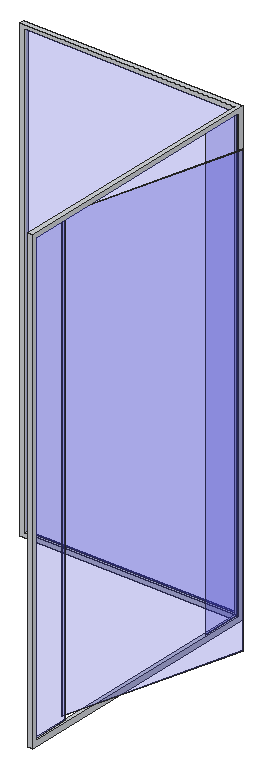
Revit family "PFX_A3-Shower-Screen-Side-Panel-Pivot-Door", category Plumbing Fixtures, Revit 2016
Family settings
  Part Type = Normal
  Round Connector Dimension = Use Diameter
  Work Plane-Based = No
  Always vertical = Yes
  Cut with Voids When Loaded = No
  Shared = No
  Room Calculation Point = No
Parameters (values of type "Shower Screen")
  Return [instance] = 1000 mm
  Height [instance] = 2100 mm
  Door side [instance] = 1200 mm
Reference planes
  plane 1 "Center (Front/Back)": y = 0
  plane 2: z = 0
  plane 3 "Center (Left/Right)": x = 100
  plane 4: y = 600
  plane 5: y = -600
  plane 6: x = -400
  plane 7: x = 600
  plane 8: z = 2100
  plane 9: z = 20
  plane 10: z = 2080
  plane 11: y = 580
  plane 12: x = 580
  plane 13: x = 588.948
  plane 14: x = 591.948
  plane 15: y = 591
  plane 16: y = 588
  plane 17: z = 2077
  plane 18: y = 400
  plane 19: y = -400
  plane 20: through (624.496, -167.333, 0) normal (0.9659, -0.2588, 0)
  plane 21: through (-58.539, -218.471, 0) normal (0.2588, 0.9659, 0)
  plane 22: y = -320
  plane 23: through (621.598, -166.557, 0) normal (0.9659, -0.2588, 0)
  plane 24: through (148.516, 554.27, 0) normal (0.2588, 0.9659, 0)
Forms (mm)
  Sweep 1, solid
    path origin (0, 0, 0) x (1, 0, 0) y (0, 0, 1)
      loop
        line (600, 2100) -> (-400, 2100) -> (-400, 0) -> (600, 0) -> (600, 2100)
    profile origin (100, 0, 0) x (0, 0, -1) y (0, -1, 0)
      loop
        line (-2100, -580) -> (-2100, -600) -> (-2080, -600) -> (-2080, -580) -> (-2100, -580)
  Sweep 2, solid
    path origin (100, 0, 0) x (0, 1, 0) y (0, 0, 1)
      loop
        line (-600, 2100) -> (-600, 0) -> (600, 0) -> (600, 2100) -> (-600, 2100)
    profile origin (0, 0, 0) x (0, 0, 1) y (1, 0, 0)
      loop
        line (2100, 600) -> (2080, 600) -> (2080, 580) -> (2100, 580) -> (2100, 600)
  Extrusion 3, solid, material "Glass"
    sketch origin (0, 0, 0) x (1, 0, 0) y (0, 0, 1)
      loop
        line (-380, 2080) -> (-380, 20) -> (580, 20) -> (580, 2080) -> (-380, 2080)
    from -591 to -588
  Extrusion 4, solid, material "Glass"
    sketch origin (100, 0, 0) x (0, 1, 0) y (0, 0, 1)
      loop
        line (400, 2080) -> (400, 20) -> (580, 20) -> (580, 2080) -> (400, 2080)
    from 488.948 to 491.948
  Extrusion 5, solid, material "Glass"
    sketch origin (100, 0, 0) x (0, 1, 0) y (0, 0, 1)
      loop
        line (-580, 20) -> (-400, 20) -> (-400, 2077) -> (-580, 2077) -> (-580, 20)
    from 488.948 to 491.948
  Extrusion 6, solid, material "Glass"
    sketch origin (0, 0, 0) x (1, 0, 0) y (0, 1, 0)
      loop
        line (563.059, -385.027) -> (565.957, -385.804) -> (773.012, 386.937) -> (770.114, 387.713) -> (563.059, -385.027)
    from 23.277 to 2077
Cuts and joins
  joined: Sweep 1, Sweep 2
Lines and regions (mm)
  symbolic lines
    curve 1: line (-400, 580, 0) -> (-400, -600, 0)
    curve 2: line (-400, -600, 0) -> (580, -600, 0)
    curve 3: line (580, -8.284, 0) -> (580, -600, 0)
    curve 4: line (-400, 580, 0) -> (91.716, 580, 0)
    curve 5: line (-400, 580, 0) -> (100, 0, 0)
    curve 6: line (100, 0, 0) -> (-400, -600, 0)
    curve 7: line (100, 0, 0) -> (580, -600, 0)
    curve 8: line (100, 0, 0) -> (580, 580, 0)
Dimensions and locks
  plane 12 to plane 13 to plane 14 to plane 7 = 8.948 mm locked, 3 mm locked, 8.052 mm locked
  plane 11 to plane 16 to plane 15 to plane 4 = 8 mm locked, 3 mm locked, 9 mm locked
  locked: plane 10 to plane 8 at 20
  locked: level to plane 9 at 20
  "Height": plane 8 to level
  locked: plane 17 to plane 10 at 3
  locked: plane 19 to plane 18 at 800
  equal spacing: plane 5, plane 1 "Center (Front/Back)", plane 4
  "Return": plane 6 to plane 7
  "Door side": plane 5 to plane 4
  equal spacing: plane 6, plane 3 "Center (Left/Right)", plane 7
  locked: plane 19 to plane 22 at 80
  locked: plane 20 to plane 23 at 3
  locked: plane 24 to plane 21 at 800
  aligned and locked: Sweep 1 sketch curve to plane 8  (x2)
  aligned and locked: Sweep 1 sketch curve to plane 6
  aligned and locked: Sweep 1 sketch curve to level
  aligned and locked: Sweep 1 sketch curve to plane 10
  aligned and locked: Sweep 1 sketch curve to plane 4
  aligned and locked: Sweep 1 sketch curve to plane 11
  aligned and locked: plane 8 to Sweep 2 sketch curve  (x2)
  aligned and locked: Sweep 2 sketch curve to plane 5
  aligned and locked: Sweep 2 sketch curve to level
  aligned and locked: plane 10 to Sweep 2 sketch curve
  aligned and locked: plane 12 to Sweep 2 sketch curve
  aligned and locked: plane 7 to Sweep 2 sketch curve
  aligned and locked: Extrusion 3 sketch curve to Sweep 1  (x4)
  aligned and locked: Extrusion 3 to plane 15
  aligned and locked: plane 16 to Extrusion 3
  aligned and locked: Sweep 2 to Extrusion 4 sketch curve
  aligned and locked: Extrusion 4 sketch curve to Sweep 2  (x2)
  aligned and locked: Extrusion 4 to plane 14
  aligned and locked: plane 13 to Extrusion 4
  aligned and locked: plane 6 to curve 1
  aligned and locked: plane 5 to curve 2
  aligned and locked: plane 12 to curve 3
  aligned and locked: plane 11 to curve 4
  aligned and locked: plane 1 "Center (Front/Back)" to curve 5
  aligned and locked: plane 7 to Sweep 1 sketch curve
  aligned and locked: Sweep 2 sketch curve to plane 4
  aligned and locked: Extrusion 4 sketch curve to plane 18
  aligned and locked: Extrusion 5 sketch curve to cut or joined group of Sweep 1, Sweep 2
  aligned and locked: plane 17 to Extrusion 5 sketch curve
  aligned and locked: Extrusion 5 sketch curve to plane 19
  aligned and locked: plane 9 to Extrusion 5 sketch curve
  aligned and locked: plane 13 to Extrusion 5
  aligned and locked: Extrusion 5 to plane 14
  aligned and locked: plane 23 to Extrusion 6 sketch curve
  aligned and locked: plane 20 to Extrusion 6 sketch curve
  aligned and locked: plane 21 to Extrusion 6 sketch curve
  aligned and locked: plane 24 to Extrusion 6 sketch curve
  aligned and locked: Extrusion 6 to plane 17
Automatic sketch dimensions
  curve 8 to plane 3 "Center (Left/Right)" = 0 mm
  curve 8 to plane 11 = 0 mm
  curve 8 to plane 12 = 0 mm
  curve 4 to plane 3 "Center (Left/Right)" = 8.284 mm
  plane 1 "Center (Front/Back)" to curve 3 = 8.284 mm
